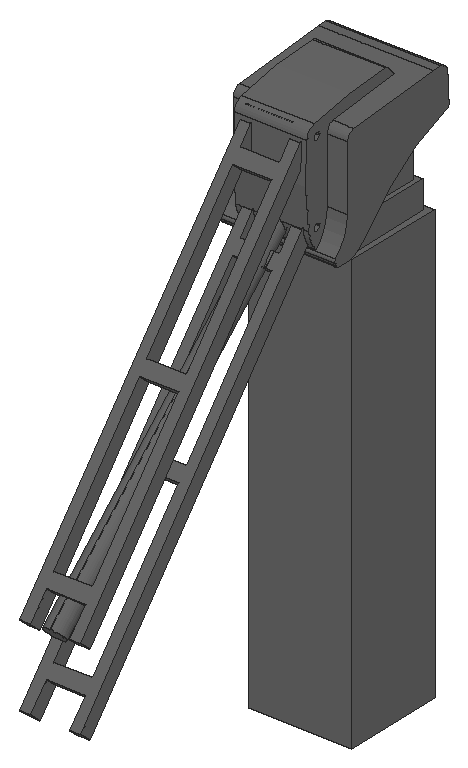
Revit family "EN 100 VJR", category Equipement spécialisé, Revit 2020
Family settings
  Cote de connecteur circulaire = Utiliser le diamètre
  Type d'élément = Normal
  Numéro OmniClass = 23.50.00.00
  Titre OmniClass = Conveying Systems & Material Handling
  Basée sur le plan de construction = Non
  Toujours verticalement = Oui
  Couper avec des vides une fois chargée = Non
  Partagée = Non
  Point de calcul de pièce = Non
Parameters (values of type "100 VJR")
  Jib length = 1.50 m
  URL = "www.manitou.fr"
  Overhang = 6.67 m
  Turret rotation [instance] = 0.00°
  Internal turning radius (over tyres) = 0.59 m
  External turning radius = 2.09 m
  I.C. Engine power rating - Power (kW) = 0
  I.C. Engine power rating - Power (ch) = 0
  External turning radius (over tyres) [instance] = yes
  Platform weight = 2650.00 kg
  Number of people (inside) = 2
  Noise to environment (LwA) = 0
  Modèle = "100 VJR"  # constant formula
  Overall lenght (transport) = 2.81 m
  Overall lenght (stowed) = 2.80 m
  Platform dimensions (length) = 1.11 m
  Platform dimensions (width) = 0.93 m
  Width = 0.99 m
  Overall height (transport) = 1.995 m
  Floor height (access) = 0.51 m
  Overall height (stowed) = 1.99 m
  Max. lifting height = 9.85 m
  Ground clearance at centre of wheelbase = 0.09 m
  Ground clearance = 0.02 m
  Wheelbase = 1.20 m
  Permissible leveling = 2.00°
  Max. outreach = 3.15 m
  Engine norm = "A préciser"  # constant formula
  Counterweight offset (turret at 90°) = 0.09 m
  Actual offset [instance] = 2.018413 m
  Platform capacity = 200.00 kg
  Average consumption (L/h) = 0
  Desired Platform angle [instance] = -50.00°
  R2 [instance] = 0.00°
  Number of people (outside) = 1
  Actual Platform height [instance] = 0.887703 m
  Desired telescopic mast height [instance] = 2.00 m
  Fabricant = "MANITOU"  # constant formula
  CO2 emissions (g/kWh) = 0
  Créé par = "ATLANCAD"  # constant formula
  Average consumption (l/day) = 0.00 m
  Jib adjustment [instance] = yes
  Elévation par défaut = 0.00 m
  Visible Charts [instance] = yes
Reference planes (m)
  plane 1 "Centre (avant/arrière)": y = 0
  plane 2: z = 0
  plane 3 "Centre (gauche/droite)": x = 0
Dimensions and locks (m)
  "Actual Platform height": nested 1 to nested 1
  "Actual offset": nested 1 to plane 1 "Centre (avant/arrière)"
  aligned and locked: level to plane 2
Nested families (m)
  nested 1: "100 VJR -I" at (0, 0, 0), Angle Panier Souhaité <- "Desired Platform angle", Hauteur Piston Vertical Souhaitée <- "Desired telescopic mast height", Abaque Visible <- "Visible Charts", Rayon de Giration Visible <- "External turning radius (over tyres)", Réglages du Pendulaire <- "Jib adjustment", Rotation Tourelle / Chassis <- "Turret rotation", type "Norme"
    with Réglages du Pendulaire yes, Rotation Tourelle / Chassis 0.00°, Rayon de Giration Visible yes, P° 2 40.00°, P° 1 40.00°, P° 40.00°, OB 2 2.00 m, OB 2.00 m, OA 1.647 m, Matériau Structure Acier Noir, I 1.636 m, Hauteurs mini dépassée no, Hauteurs max dépassée no, Hauteur Plancher Panier Réeelle 0.887703 m, Hauteur Piston Vertical Souhaitée 2.00 m, H3 0.412 m, H2' 1.623 m, H2 6.669 m, H1 7.90 m, G1 2.022 m, G 0.546 m, Décalage Hauteur Panier 0.024 m, Décalage B 0.024 m, Débord Réel 2.018228 m, CE 0.86 m, CD 0.27 m, Bb' 0.2249 m, BD 1.257205 m, BC 1.452 m, Angle mini dépassé no, Angle max dépassé no, Angle dépassé 2 -50.00°, Angle Panier Souhaité -50.00°, Angle Panier Réel -50.00°, Angle Haut Panier 57.98°, Angle Bas Panier -56.45°, Abaque Visible yes, AB 0.387 m
Definition of nested family "100 VJR -I"
  Parameters (values of type "Norme")
    Réglages du Pendulaire [instance] = yes
    Rotation Tourelle / Chassis [instance] = 0.00°
    Rayon de Giration Visible [instance] = yes
    P° [instance] = if(Réglages du Pendulaire, P° 2, 90.00°)  # 135.00°
    P° 2 [instance] = if(Angle Panier Souhaité < Angle Bas Panier, Angle Bas Panier + 90.00°, P° 1)  # 135.00°
    OB [instance] = if(Hauteur Piston Vertical Souhaitée > H2, H2, OB 2)  # 4.00 m
    OB 2 [instance] = if(Hauteur Piston Vertical Souhaitée < H2', H2', Hauteur Piston Vertical Souhaitée)  # 4.00 m
    OA [instance] = 1.647 m  # constant formula
    Matériau Structure [instance] = none
    I [instance] = 1.636 m  # constant formula
    Hauteurs mini dépassée [instance] = Hauteur Piston Vertical Souhaitée < OB  # no
    Hauteurs max dépassée [instance] = Hauteur Piston Vertical Souhaitée > OB  # no
    Hauteur Plancher Panier Réeelle [instance] = OB + (sin(P° - 90.00°) * BC) + Décalage B - Décalage Hauteur Panier  # 5.026719 m
    Hauteur Piston Vertical Souhaitée [instance] = 4.00 m
    H3 [instance] = 0.412 m  # constant formula
    H2' [instance] = 1.623 m  # constant formula
    H2 [instance] = 6.669 m  # constant formula
    H1 [instance] = 7.90 m  # constant formula
    G [instance] = 0.546 m  # constant formula
    G1 [instance] = 2.022 m  # constant formula
    Default Elevation = 0.00 m
    P° 1 [instance] = if(Angle Panier Souhaité > Angle Haut Panier, Angle Haut Panier + 90.00°, Angle Panier Souhaité + 90.00°)  # 135.00°
    Décalage Hauteur Panier [instance] = 0.024 m  # constant formula
    Décalage B [instance] = 0.024 m  # constant formula
    Débord Réel [instance] = Bb' + (cos(P° - 90.00°) * BC) + CE  # 2.111619 m
    CE [instance] = 0.86 m  # constant formula
    CD [instance] = 0.27 m  # constant formula
    Bb' [instance] = 0.2249 m  # constant formula
    BD [instance] = sqrt(CD ^ 2 + BC ^ 2 - 2 * CD * BC * cos(P°))  # 1.653975 m
    BC [instance] = 1.452 m  # constant formula
    Angle mini dépassé [instance] = Angle dépassé 2 < Angle Bas Panier  # no
    Angle max dépassé [instance] = Angle dépassé 2 > Angle Haut Panier  # no
    Angle dépassé 2 [instance] = if(Réglages du Pendulaire, Angle Panier Souhaité, P° - 90.00°)  # 45.00°
    Angle Panier Souhaité [instance] = 45.00°
    Angle Panier Réel [instance] = P° - 90.00°  # 45.00°
    Angle Haut Panier [instance] = 57.98°  # constant formula
    Angle Bas Panier [instance] = -56.45°  # constant formula
    Abaque Visible [instance] = yes
    AB [instance] = OB - OA + Décalage Hauteur Panier + 0.01 m  # 2.387 m
  Reference planes (m)
    plane 1 "Centre (avant/arrière)": y = 0
    plane 2: z = 0
    plane 3 "Centre (gauche/droite)": x = 0
    plane 4 "Haut tourelle": z = 1.647
    plane 5 "bas tourelle": z = 0.457549
    plane 6 "Décalage": y = -0.2249
    plane 7 "Hauteur souhaitée": z = 4
    plane 8: z = 1.907
    plane 9: z = 2.50025
    plane 10: z = 3.0935
    plane 11: z = 3.68675
    plane 12: z = 4.28
    plane 13: x = 1.036
    plane 14: y = -0.450361
  Forms (m)
    Extrusion 1, solid, material <- "Matériau Structure"
      sketch origin (0, 0, 0) x (1, 0, 0) y (0, 1, 0)
        loop
          line (-0.171, 0.201) -> (-0.171, -0.141) -> (0.171, -0.141) -> (0.171, 0.201) -> (-0.171, 0.201)
      from 0.457549 to 1.907
    Extrusion 2, solid, material <- "Matériau Structure"
      sketch origin (0, 0, 0) x (1, 0, 0) y (0, 1, 0)
        loop
          line (-0.15, 0.18) -> (-0.15, -0.12) -> (0.15, -0.12) -> (0.15, 0.18) -> (-0.15, 0.18)
      from 0.457549 to 2.50025
    Extrusion 3, solid, material <- "Matériau Structure"
      sketch origin (0, 0, 0) x (1, 0, 0) y (0, 1, 0)
        loop
          line (-0.13, 0.16) -> (-0.13, -0.1) -> (0.13, -0.1) -> (0.13, 0.16) -> (-0.13, 0.16)
      from 0.457549 to 3.0935
    Extrusion 4, solid, material <- "Matériau Structure"
      sketch origin (0, 0, 0) x (1, 0, 0) y (0, 1, 0)
        loop
          line (-0.11, 0.14) -> (-0.11, -0.08) -> (0.11, -0.08) -> (0.11, 0.14) -> (-0.11, 0.14)
      from 0.457549 to 3.68675
    Extrusion 5, solid, material <- "Matériau Structure"
      sketch origin (0, 0, 0) x (1, 0, 0) y (0, 1, 0)
        loop
          line (-0.09, 0.12) -> (-0.09, -0.06) -> (0.09, -0.06) -> (0.09, 0.12) -> (-0.09, 0.12)
      from 0.457549 to 4.28
    Extrusion 6, solid
      sketch origin (0, 0, 0) x (0, 1, 0) y (0, 0, 1)
        loop
          line (-0.22985, 4.02895) -> (-0.215708, 4.043092) -> (-0.233385, 4.06077) -> (-0.247527, 4.046627) -> (-0.22985, 4.02895)
      from 0.07 to 0.08
    Extrusion 7, solid
      sketch origin (0, 0, 0) x (0, 1, 0) y (0, 0, 1)
        loop
          line (-0.226486, 4.295586) -> (-0.212344, 4.309728) -> (-0.226486, 4.32387) -> (-0.240628, 4.309728) -> (-0.226486, 4.295586)
      from 0.07 to 0.08
    Sweep 8, solid, material <- "Matériau Structure"
      path origin (0, 0, 0) x (0, 1, 0) y (0, 0, 1)
        loop
          line (-1.251619, 5.320719) -> (-0.2249, 4.024)
      profile origin (0, -0.73826, 4.67236) x (0, 0.784002, 0.620759) y (1, 0, 0)
        loop
          circle (0, 0) r 0.035
  Cuts and joins
    joined: Extrusion 1, Extrusion 2, Extrusion 3, Extrusion 4, Extrusion 5
  Lines and regions (m)
    reference lines
      curve 1: line (0, -0.2249, 4.024) -> (0, -0.2249, 1.637)
      curve 2: line (0, -0.2249, 4.024) -> (0, -1.251619, 5.050719)
      curve 3: line (0, -0.2249, 4.024) -> (0, -0.2249, 4.294)
      curve 4: line (0, -0.2249, 4.294) -> (0, -1.251619, 5.320719)
      curve 5: line (0, -0.2249, 4.024) -> (0, -1.251619, 5.320719)
      curve 6: line (0, -1.251619, 5.050719) -> (0, -1.251619, 5.026719)
      curve 7: line (0, -1.251619, 5.026719) -> (0, -2.111619, 5.026719)
    model lines, visible <- "Rayon de Giration Visible"
      curve 8: line (1.036, -0.550361, 0) -> (1.036, -0.350361, 0)
      curve 9: line (0.936, -0.450361, 0) -> (1.136, -0.450361, 0)
      curve 10: circle (1.036, -0.450361, 0) r 2.022 normal (0, 0, 1)
      curve 11: circle (1.036, -0.450361, 0) r 0.546 normal (0, 0, 1)
      curve 12: line (-0.986, -0.450361, 0) -> (-0.986, 2.049639, 0)
      curve 13: line (0.65, -0.450361, 0) -> (0.65, 2.049639, 0)
      curve 14: line (1.036, -0.836361, 0) -> (3.536, -0.836361, 0)
      curve 15: line (1.036, -2.472361, 0) -> (3.536, -2.472361, 0)
  Text (m)
    text "A" at (0, -0.129031, 1.768049), in view "Gauche"
    text "B" at (0, -0.129031, 6.813808), in view "Gauche"
    text "O" at (0, -0.129031, -0.001844), in view "Gauche"
    text "C" at (0, -0.933814, 5.445096), in view "Gauche"
  Dimensions and locks (m)
    "OA": level to plane 4 "Haut tourelle"
    level to plane 5 "bas tourelle" = 0.457549 m
    "Bb'": plane 1 "Centre (avant/arrière)" to plane 6 "Décalage"
    "AB": curve 1 to curve 1
    "OB": plane 7 "Hauteur souhaitée" to level
    locked: curve 1 to plane 4 "Haut tourelle" at 0.01
    locked: plane 4 "Haut tourelle" to plane 8 at 0.26
    locked: plane 7 "Hauteur souhaitée" to plane 12 at 0.28
    equal spacing: plane 8, plane 9, plane 10, plane 11, plane 12
    Extrusion 1 sketch curve to plane 3 "Centre (gauche/droite)" to Extrusion 1 sketch curve = 0.171 m, 0.171 m
    Extrusion 1 sketch curve to plane 1 "Centre (avant/arrière)" to Extrusion 1 sketch curve = 0.201 m, 0.141 m
    Extrusion 2 sketch curve to plane 3 "Centre (gauche/droite)" to Extrusion 2 sketch curve = 0.15 m locked, 0.15 m locked
    Extrusion 2 sketch curve to plane 1 "Centre (avant/arrière)" to Extrusion 2 sketch curve = 0.12 m locked, 0.18 m locked
    Extrusion 3 sketch curve to plane 3 "Centre (gauche/droite)" to Extrusion 3 sketch curve = 0.13 m locked, 0.13 m locked
    Extrusion 3 sketch curve to plane 1 "Centre (avant/arrière)" to Extrusion 3 sketch curve = 0.10 m locked, 0.16 m locked
    Extrusion 4 sketch curve to plane 3 "Centre (gauche/droite)" to Extrusion 4 sketch curve = 0.11 m locked, 0.11 m locked
    Extrusion 4 sketch curve to plane 1 "Centre (avant/arrière)" to Extrusion 4 sketch curve = 0.08 m locked, 0.14 m locked
    Extrusion 5 sketch curve to plane 3 "Centre (gauche/droite)" to Extrusion 5 sketch curve = 0.09 m, 0.09 m
    Extrusion 4 to plane 1 "Centre (avant/arrière)" to Extrusion 5 sketch curve = 0.14 m, 0.06 m
    "BC": curve 2 to curve 2
    Extrusion 6 sketch curve to Extrusion 6 sketch curve to curve 2 = 0.025 m, 0.007 m
    locked: curve 2 to Extrusion 6 sketch curve at 0.02
    locked: curve 2 to nested 4
    "CD": curve 3 to curve 3
    locked: Extrusion 7 sketch curve to curve 4 at 0.02
    curve 4 to Extrusion 7 sketch curve to Extrusion 7 sketch curve = 0.002243 m, 0.02 m
    "BC": curve 4 to nested 5
    "BD": curve 5 to curve 5
    locked: curve 5 to Sweep 8 sketch curve
    locked: Sweep 8 sketch curve to curve 5
    "Décalage Hauteur Panier": curve 6 to curve 6
    curve 6 to level = 5.026719 m
    "Décalage B": curve 5 to plane 7 "Hauteur souhaitée"
    "G1": curve 12 to curve 8
    "I": curve 12 to curve 13
    "G1": curve 15 to curve 9
    "I": curve 15 to curve 14
    "CE": curve 6 to curve 7
    radius of Sweep 8 sketch curve = 0.035 m
    "G1": radius of curve 10
    "G": radius of curve 11
    "P°": angle plane 1 "Centre (avant/arrière)" to curve 2
    "P°": angle plane 1 "Centre (avant/arrière)" to curve 4
    aligned and locked: level to plane 2
    aligned and locked: Extrusion 1 to plane 8
    aligned and locked: plane 5 "bas tourelle" to Extrusion 1
    aligned and locked: plane 9 to Extrusion 2
    aligned and locked: plane 5 "bas tourelle" to Extrusion 2
    aligned and locked: plane 10 to Extrusion 3
    aligned and locked: plane 5 "bas tourelle" to Extrusion 3
    aligned and locked: plane 11 to Extrusion 4
    aligned and locked: plane 5 "bas tourelle" to Extrusion 4
    aligned and locked: Extrusion 5 to plane 12
    aligned and locked: plane 5 "bas tourelle" to Extrusion 5
    aligned and locked: plane 1 "Centre (avant/arrière)" to nested 3
    aligned and locked: nested 3 to plane 12
    aligned and locked: plane 3 "Centre (gauche/droite)" to nested 3
    aligned and locked: curve 2 to Extrusion 6 sketch curve
    aligned and locked: curve 2 to nested 4
    aligned and locked: plane 3 "Centre (gauche/droite)" to nested 4
    aligned and locked: curve 3 to plane 6 "Décalage"
    aligned and locked: Extrusion 7 sketch curve to curve 4
    aligned and locked: curve 4 to nested 5  (x2)
    aligned and locked: nested 5 to Extrusion 7
    aligned and locked: plane 3 "Centre (gauche/droite)" to nested 5
    aligned and locked: nested 9 to plane 3 "Centre (gauche/droite)"
    aligned and locked: nested 9 to plane 1 "Centre (avant/arrière)"
    aligned and locked: nested 10 to curve 7
    aligned and locked: nested 10 to curve 6
  Automatic sketch dimensions
    Extrusion 5 sketch curve to plane 1 "Centre (avant/arrière)" = 0.12 m
    Sweep 8 sketch curve to plane 3 "Centre (gauche/droite)" = 0.00 m
    Sweep 8 sketch curve to profile plane = 0.00 m
    curve 10 to curve 11 = 0.00 m  (x2)
    curve 12 to plane 14 = 0.00 m
    plane 14 to curve 13 = 0.00 m
    plane 14 to curve 9 = 0.00 m
    curve 15 to plane 13 = 0.00 m
    curve 8 to plane 13 = 0.00 m
    curve 14 to plane 13 = 0.00 m
    plane 14 to curve 10 = 0.00 m
    curve 9 to plane 13 = 0.10 m
    curve 10 to curve 9 = 0.10 m
    curve 15 to curve 15 = 2.50 m
    curve 14 to curve 15 = 0.00 m
    curve 8 to curve 10 = 0.10 m
    curve 8 to plane 14 = 0.10 m
    curve 13 to plane 1 "Centre (avant/arrière)" = 2.049639 m
    curve 12 to curve 13 = 0.00 m
  Nested families (m)
    nested 1: "Hmin" at (0, 1.556607, 7.699272) x (0, -1, 0) z (-1, 0, 0), visible <- "Hauteurs mini dépassée", type "Hmin"
    nested 2: "Hmax" at (0, 1.556607, 7.699272) x (0, -1, 0) z (1, 0, 0), visible <- "Hauteurs max dépassée", type "Hmax"
    nested 3: "ModéHaut" at (0, 0, 4.28), Matériau <- "Matériau Structure", type "ModéHaut"
      with Matériau none
    nested 4: "Bras" at (0, -0.2249, 4.024) x (0, -0.7071, 0.7071) z (0, -0.7071, -0.7071), Matériau <- "Matériau Structure", type "Bras"
      with Matériau none, built-in parameter 1001306 4.7638 (stored number, unit not read)
    nested 5: "Bras" at (0, -0.2249, 4.294) x (0, -0.7071, 0.7071) z (0, -0.7071, -0.7071), Matériau <- "Matériau Structure", type "Bras"
      with Matériau none, built-in parameter 1001306 4.7638 (stored number, unit not read)
    nested 6: "Amin" at (0, 2.283236, 7.231541) x (0, -1, 0) z (1, 0, 0), visible <- "Angle mini dépassé", type "Amin"
    nested 7: "Amax" at (0, 2.283236, 7.231541) x (0, -1, 0) z (1, 0, 0), visible <- "Angle max dépassé", type "Amax"
    nested 8: "100 VJR EVO - Tourelle" at (0, 0, 0) x (-1, 0, 0) z (0, 0, 1), type "Norme"
    nested 9: "100 VJR EVO - Transmission Rotation" at (0, 0, 0) x (-1, 0, 0) z (0, 0, 1), R <- "Rotation Tourelle / Chassis", type "Norme"
      with R1 90.00°, R 0.00°
    nested 10: "100 VJR EVO - Panier Rotation" at (0, -1.251619, 5.026719), type "Norme"
      with R2 90.00°, R1 90.00°, R 0.00°, Acier none
  Definition of nested family "ModéHaut"
    Parameters (values of type "ModéHaut")
      Matériau [instance] = none
      Default Elevation = 0.00 m
    Reference planes (m)
      plane 1 "Centre (avant/arrière)": y = 0
      plane 2: z = 0
      plane 3 "Centre (gauche/droite)": x = 0
    Forms (m)
      Extrusion 1, solid, material <- "Matériau"
        sketch origin (0, 0, -6.949) x (0, 1, 0) y (0, 0, 1)
          loop
            arc (-0.109703, 6.640435) -> (0.040629, 6.779609) -> (0.224824, 6.869281) r 0.699754
            arc (0.224824, 6.869281) -> (0.231554, 6.874135) -> (0.234075, 6.882041) r 0.013243
            line (0.234075, 6.882041) -> (0.23397, 6.892559) -> (0.233756, 6.90375) -> (0.233356, 6.914903) -> (0.232807, 6.926057) -> (0.232119, 6.937219) -> (0.231244, 6.948373) -> (0.230177, 6.960109) -> (0.226816, 6.986958)
            arc (0.226816, 6.986958) -> (0.218465, 7.002465) -> (0.201961, 7.008614) r 0.024995
            line (0.201961, 7.008614) -> (0.171943, 7.008363)
            arc (0.171943, 7.008363) -> (0.007195, 7.00073) -> (-0.156501, 6.980633) r 2.174529
            arc (-0.156501, 6.980633) -> (-0.174727, 6.970546) -> (-0.18197, 6.951015) r 0.029956
            line (-0.18197, 6.951015) -> (-0.18197, 6.736588)
            arc (-0.18197, 6.736588) -> (-0.194893, 6.675646) -> (-0.231438, 6.625194) r 0.150155
            arc (-0.231438, 6.625194) -> (-0.234795, 6.618865) -> (-0.233312, 6.611855) r 0.010501
            line (-0.233312, 6.611855) -> (-0.227332, 6.602247)
            arc (-0.227332, 6.602247) -> (-0.224526, 6.599359) -> (-0.220775, 6.597895) r 0.009479
            arc (-0.220775, 6.597895) -> (-0.159538, 6.60428) -> (-0.109703, 6.640435) r 0.118909
        from -0.19 to 0.19
      Extrusion 2, solid, material <- "Matériau"
        sketch origin (0, 0, -6.949) x (0, 1, 0) y (0, 0, 1)
          loop
            arc (0.0968, 7.003764) -> (0.085609, 7.020459) -> (0.072117, 7.035357) r 0.138349
            arc (0.072117, 7.035357) -> (0.066741, 7.038893) -> (0.060463, 7.040304) r 0.017933
            arc (0.060463, 7.040304) -> (-0.087691, 7.029133) -> (-0.23383, 7.002335) r 1.40102
            arc (-0.23383, 7.002335) -> (-0.254733, 6.989668) -> (-0.264368, 6.967206) r 0.04001
            arc (-0.264368, 6.967206) -> (-0.269192, 6.829902) -> (-0.25764, 6.693) r 1.152193
            arc (-0.25764, 6.693) -> (-0.245867, 6.653688) -> (-0.220789, 6.621204) r 0.112602
            line (-0.220789, 6.621204) -> (0.0968, 7.003764)
          loop
            circle (-0.224677, 6.692398) r 0.012608
          loop
            circle (-0.224915, 6.962249) r 0.012446
        from 0.12 to -0.12
    Cuts and joins
      joined: Extrusion 1, Extrusion 2
    Dimensions and locks (m)
      aligned and locked: level to plane 2
  Definition of nested family "Bras"
    Parameters (values of type "Bras")
      Matériau [instance] = none
      built-in parameter 1001306 [instance] = 1.20 m
      Default Elevation = 0.00 m
    Reference planes (m)
      plane 1 "Centre (avant/arrière)": y = 0
      plane 2: z = 0
      plane 3 "Gauche": x = 0
      plane 4 "Droite": x = 1.2
      plane 5: x = 0.6
    Forms (m)
      Extrusion 1, solid, material <- "Matériau"
        sketch origin (0, 0, 0) x (1, 0, 0) y (0, 1, 0)
          loop
            line (0, 0.1) -> (0, 0.065) -> (0.1, 0.065) -> (0.1, -0.065) -> (0, -0.065) -> (0, -0.1) -> (1.2, -0.1) -> (1.2, -0.065) -> (1.1, -0.065) -> (1.1, 0.065) -> (1.2, 0.065) -> (1.2, 0.1) -> (0, 0.1)
          loop
            line (0.575, -0.065) -> (0.575, 0.065) -> (0.15, 0.065) -> (0.15, -0.065) -> (0.575, -0.065)
          loop
            line (0.625, 0.065) -> (0.625, -0.065) -> (1.05, -0.065) -> (1.05, 0.065) -> (0.625, 0.065)
        from 0.025 to -0.025
    Lines and regions (m)
      reference lines
        curve 1: line (0, 0, 0) -> (1.2, 0, 0)
    Dimensions and locks (m)
      "built-in parameter 1001306": plane 3 "Gauche" to plane 4 "Droite"
      locked: Extrusion 1 sketch curve to Extrusion 1 sketch curve at 0.035  (x2)
      plane 3 "Gauche" to Extrusion 1 sketch curve to Extrusion 1 sketch curve = 0.10 m locked, 0.05 m locked
      Extrusion 1 sketch curve to Extrusion 1 sketch curve to plane 4 "Droite" = 0.05 m locked, 0.10 m locked
      Extrusion 1 sketch curve to plane 5 to Extrusion 1 sketch curve = 0.025 m locked, 0.025 m locked
      Extrusion 1 sketch curve to plane 1 "Centre (avant/arrière)" to Extrusion 1 sketch curve = 0.10 m locked, 0.10 m locked
      equal spacing: plane 3 "Gauche", plane 5, plane 4 "Droite"
      aligned and locked: plane 4 "Droite" to curve 1
      aligned and locked: plane 1 "Centre (avant/arrière)" to curve 1
      aligned and locked: plane 3 "Gauche" to curve 1
      aligned and locked: level to plane 2
      aligned and locked: plane 3 "Gauche" to Extrusion 1 sketch curve  (x2)
      aligned and locked: Extrusion 1 sketch curve to plane 4 "Droite"  (x2)
      aligned and locked: Extrusion 1 sketch curve to Extrusion 1 sketch curve  (x6)
  Definition of nested family "Hmin"
    Parameters (values of type "Hmin")
      Default Elevation = 1.2192 m
    Reference planes (m)
      plane 1 "Centre (avant/arrière)": y = 0
      plane 2: z = 0
      plane 3 "Centre (gauche/droite)": x = 0
    Forms (m)
      Extrusion 1, solid
        sketch origin (0, 0, 0) x (1, 0, 0) y (0, 1, 0)
          loop
            line (-1.2192, 1.2192) -> (-1.2192, -1.2192) -> (1.2192, -1.2192) -> (1.2192, 1.2192) -> (-1.2192, 1.2192)
        from 0 to -0.3048
    Lines and regions (m)
      model lines
        curve 1: line (-2.387843, -0.095102, 0) -> (-2.387843, 0.15285, 0)
        curve 2: line (-2.387843, 0.028874, 0) -> (-2.222541, 0.028874, 0)
        curve 3: line (-2.222541, 0.15285, 0) -> (-2.222541, -0.095102, 0)
        curve 4: line (-2.140312, 0.028874, 0) -> (-2.098987, 0.0702, 0)
        curve 5: line (-2.098987, 0.0702, 0) -> (-2.057661, 0.0702, 0)
        curve 6: line (-2.057661, 0.0702, 0) -> (-2.016336, 0.028874, 0)
        curve 7: line (-2.016336, 0.028874, 0) -> (-2.016336, -0.053777, 0)
        curve 8: line (-2.016336, -0.053777, 0) -> (-2.057661, -0.095102, 0)
        curve 9: line (-2.057661, -0.095102, 0) -> (-2.098987, -0.095102, 0)
        curve 10: line (-2.098987, -0.095102, 0) -> (-2.140312, -0.053777, 0)
        curve 11: line (-2.140312, -0.053777, 0) -> (-2.140312, 0.028874, 0)
        curve 12: line (-2.016336, -0.053777, 0) -> (-1.97501, -0.095102, 0)
        curve 13: line (-1.89236, 0.0702, 0) -> (-1.89236, -0.053777, 0)
        curve 14: line (-1.89236, -0.053777, 0) -> (-1.851034, -0.095102, 0)
        curve 15: line (-1.851034, -0.095102, 0) -> (-1.809709, -0.095102, 0)
        curve 16: line (-1.809709, -0.095102, 0) -> (-1.727058, -0.012451, 0)
        curve 17: line (-1.727058, 0.0702, 0) -> (-1.727058, -0.095102, 0)
        curve 18: line (-1.561756, 0.15285, 0) -> (-1.561756, -0.053777, 0)
        curve 19: line (-1.561756, -0.053777, 0) -> (-1.520431, -0.095102, 0)
        curve 20: line (-1.520431, -0.095102, 0) -> (-1.479106, -0.053777, 0)
        curve 21: line (-1.644407, 0.0702, 0) -> (-1.479106, 0.0702, 0)
        curve 22: line (-1.396877, -0.012451, 0) -> (-1.2729, -0.012451, 0)
        curve 23: line (-1.2729, -0.012451, 0) -> (-1.231575, 0.028874, 0)
        curve 24: line (-1.231575, 0.028874, 0) -> (-1.2729, 0.0702, 0)
        curve 25: line (-1.2729, 0.0702, 0) -> (-1.355551, 0.0702, 0)
        curve 26: line (-1.355551, 0.0702, 0) -> (-1.396877, 0.028874, 0)
        curve 27: line (-1.396877, 0.028874, 0) -> (-1.396877, -0.053777, 0)
        curve 28: line (-1.396877, -0.053777, 0) -> (-1.355551, -0.095102, 0)
        curve 29: line (-1.355551, -0.095102, 0) -> (-1.2729, -0.095102, 0)
        curve 30: line (-1.148924, 0.0702, 0) -> (-1.148924, -0.053777, 0)
        curve 31: line (-1.148924, -0.053777, 0) -> (-1.107599, -0.095102, 0)
        curve 32: line (-1.107599, -0.095102, 0) -> (-1.066273, -0.095102, 0)
        curve 33: line (-1.066273, -0.095102, 0) -> (-0.983623, -0.012451, 0)
        curve 34: line (-0.983623, 0.0702, 0) -> (-0.983623, -0.095102, 0)
        curve 35: line (-0.900972, -0.095102, 0) -> (-0.900972, 0.0702, 0)
        curve 36: line (-0.900972, -0.012451, 0) -> (-0.818321, 0.0702, 0)
        curve 37: line (-0.818321, 0.0702, 0) -> (-0.776996, 0.0702, 0)
        curve 38: line (-0.776996, 0.0702, 0) -> (-0.73567, 0.028874, 0)
        curve 39: line (-0.525489, -0.095102, 0) -> (-0.525489, 0.0702, 0)
        curve 40: line (-0.525489, 0.028874, 0) -> (-0.484164, 0.0702, 0)
        curve 41: line (-0.484164, 0.0702, 0) -> (-0.442838, 0.028874, 0)
        curve 42: line (-0.442838, 0.028874, 0) -> (-0.442838, -0.012451, 0)
        curve 43: line (-0.442838, 0.028874, 0) -> (-0.401513, 0.0702, 0)
        curve 44: line (-0.360187, 0.028874, 0) -> (-0.360187, -0.095102, 0)
        curve 45: line (-0.401513, 0.0702, 0) -> (-0.360187, 0.028874, 0)
        curve 46: line (0.245345, -0.053777, 0) -> (0.245345, 0.028874, 0)
        curve 47: line (0.245345, 0.028874, 0) -> (0.286671, 0.0702, 0)
        curve 48: line (0.286671, 0.0702, 0) -> (0.327996, 0.0702, 0)
        curve 49: line (0.327996, 0.0702, 0) -> (0.410647, -0.012451, 0)
        curve 50: line (0.410647, -0.012451, 0) -> (0.327996, -0.095102, 0)
        curve 51: line (0.327996, -0.095102, 0) -> (0.286671, -0.095102, 0)
        curve 52: line (0.286671, -0.095102, 0) -> (0.245345, -0.053777, 0)
        curve 53: line (0.410647, 0.15285, 0) -> (0.410647, -0.095102, 0)
        curve 54: line (0.493298, -0.012451, 0) -> (0.617274, -0.012451, 0)
        curve 55: line (0.617274, -0.012451, 0) -> (0.658599, 0.028874, 0)
        curve 56: line (0.658599, 0.028874, 0) -> (0.617274, 0.0702, 0)
        curve 57: line (0.617274, 0.0702, 0) -> (0.534623, 0.0702, 0)
        curve 58: line (0.534623, 0.0702, 0) -> (0.493298, 0.028874, 0)
        curve 59: line (0.493298, 0.028874, 0) -> (0.493298, -0.053777, 0)
        curve 60: line (0.493298, -0.053777, 0) -> (0.534623, -0.095102, 0)
        curve 61: line (0.534623, -0.095102, 0) -> (0.617274, -0.095102, 0)
        curve 62: line (0.617274, 0.15285, 0) -> (0.534623, 0.111525, 0)
        curve 63: line (0.74125, -0.177753, 0) -> (0.74125, 0.0702, 0)
        curve 64: line (0.74125, 0.028874, 0) -> (0.782575, 0.0702, 0)
        curve 65: line (0.782575, 0.0702, 0) -> (0.865226, 0.0702, 0)
        curve 66: line (0.865226, 0.0702, 0) -> (0.906551, 0.028874, 0)
        curve 67: line (0.906551, 0.028874, 0) -> (0.906551, -0.053777, 0)
        curve 68: line (0.906551, -0.053777, 0) -> (0.865226, -0.095102, 0)
        curve 69: line (0.865226, -0.095102, 0) -> (0.74125, -0.095102, 0)
        curve 70: line (0.988781, -0.053777, 0) -> (0.988781, 0.028874, 0)
        curve 71: line (0.988781, 0.028874, 0) -> (1.030106, 0.0702, 0)
        curve 72: line (1.030106, 0.0702, 0) -> (1.071431, 0.0702, 0)
        curve 73: line (1.071431, 0.0702, 0) -> (1.112757, 0.028874, 0)
        curve 74: line (1.112757, 0.028874, 0) -> (1.112757, -0.053777, 0)
        curve 75: line (1.112757, -0.053777, 0) -> (1.071431, -0.095102, 0)
        curve 76: line (1.071431, -0.095102, 0) -> (1.030106, -0.095102, 0)
        curve 77: line (1.030106, -0.095102, 0) -> (0.988781, -0.053777, 0)
        curve 78: line (1.112757, -0.053777, 0) -> (1.154082, -0.095102, 0)
        curve 79: line (1.236733, -0.095102, 0) -> (1.360709, -0.095102, 0)
        curve 80: line (1.360709, -0.095102, 0) -> (1.402034, -0.053777, 0)
        curve 81: line (1.402034, -0.053777, 0) -> (1.360709, -0.012451, 0)
        curve 82: line (1.360709, -0.012451, 0) -> (1.278058, -0.012451, 0)
        curve 83: line (1.278058, -0.012451, 0) -> (1.236733, 0.028874, 0)
        curve 84: line (1.236733, 0.028874, 0) -> (1.278058, 0.0702, 0)
        curve 85: line (1.278058, 0.0702, 0) -> (1.402034, 0.0702, 0)
        curve 86: line (1.484685, -0.095102, 0) -> (1.608661, -0.095102, 0)
        curve 87: line (1.608661, -0.095102, 0) -> (1.649987, -0.053777, 0)
        curve 88: line (1.649987, -0.053777, 0) -> (1.608661, -0.012451, 0)
        curve 89: line (1.608661, -0.012451, 0) -> (1.526011, -0.012451, 0)
        curve 90: line (1.526011, -0.012451, 0) -> (1.484685, 0.028874, 0)
        curve 91: line (1.484685, 0.028874, 0) -> (1.526011, 0.0702, 0)
        curve 92: line (1.526011, 0.0702, 0) -> (1.649987, 0.0702, 0)
        curve 93: line (1.732216, -0.012451, 0) -> (1.856192, -0.012451, 0)
        curve 94: line (1.856192, -0.012451, 0) -> (1.897517, 0.028874, 0)
        curve 95: line (1.897517, 0.028874, 0) -> (1.856192, 0.0702, 0)
        curve 96: line (1.856192, 0.0702, 0) -> (1.773541, 0.0702, 0)
        curve 97: line (1.773541, 0.0702, 0) -> (1.732216, 0.028874, 0)
        curve 98: line (1.732216, 0.028874, 0) -> (1.732216, -0.053777, 0)
        curve 99: line (1.732216, -0.053777, 0) -> (1.773541, -0.095102, 0)
        curve 100: line (1.773541, -0.095102, 0) -> (1.856192, -0.095102, 0)
        curve 101: line (1.856192, 0.15285, 0) -> (1.773541, 0.111525, 0)
        curve 102: line (1.980168, -0.012451, 0) -> (2.104144, -0.012451, 0)
        curve 103: line (2.104144, -0.012451, 0) -> (2.14547, 0.028874, 0)
        curve 104: line (2.14547, 0.028874, 0) -> (2.104144, 0.0702, 0)
        curve 105: line (2.104144, 0.0702, 0) -> (2.021494, 0.0702, 0)
        curve 106: line (2.021494, 0.0702, 0) -> (1.980168, 0.028874, 0)
        curve 107: line (1.980168, 0.028874, 0) -> (1.980168, -0.053777, 0)
        curve 108: line (1.980168, -0.053777, 0) -> (2.021494, -0.095102, 0)
        curve 109: line (2.021494, -0.095102, 0) -> (2.104144, -0.095102, 0)
        curve 110: line (-0.277537, -0.095102, 0) -> (-0.277537, 0.0702, 0)
        curve 111: line (-0.277537, 0.111525, 0) -> (-0.277537, 0.15285, 0)
        curve 112: line (-0.194886, -0.095102, 0) -> (-0.194886, 0.0702, 0)
        curve 113: line (-0.194886, -0.012451, 0) -> (-0.112235, 0.0702, 0)
        curve 114: line (-0.112235, 0.0702, 0) -> (-0.07091, 0.0702, 0)
        curve 115: line (-0.07091, 0.0702, 0) -> (-0.029584, 0.028874, 0)
        curve 116: line (-0.029584, 0.028874, 0) -> (-0.029584, -0.095102, 0)
        curve 117: line (0.053067, -0.095102, 0) -> (0.053067, 0.0702, 0)
        curve 118: line (0.053067, 0.111525, 0) -> (0.053067, 0.15285, 0)
    Dimensions and locks (m)
      aligned and locked: plane 2 to Extrusion 1
      aligned and locked: level to Extrusion 1
  Definition of nested family "Hmax"
    Parameters (values of type "Hmax")
      Default Elevation = 1.2192 m
    Reference planes (m)
      plane 1 "Centre (avant/arrière)": y = 0
      plane 2: z = 0
      plane 3 "Centre (gauche/droite)": x = 0
    Forms (m)
      Extrusion 1, solid
        sketch origin (0, 0, 0) x (1, 0, 0) y (0, 1, 0)
          loop
            line (-1.2192, 1.2192) -> (-1.2192, -1.2192) -> (1.2192, -1.2192) -> (1.2192, 1.2192) -> (-1.2192, 1.2192)
        from 0 to -0.3048
    Lines and regions (m)
      model lines
        curve 1: line (-0.525489, -0.095102, 0) -> (-0.525489, 0.0702, 0)
        curve 2: line (-0.525489, 0.028874, 0) -> (-0.484164, 0.0702, 0)
        curve 3: line (-0.484164, 0.0702, 0) -> (-0.442838, 0.028874, 0)
        curve 4: line (-0.442838, 0.028874, 0) -> (-0.442838, -0.012451, 0)
        curve 5: line (-0.442838, 0.028874, 0) -> (-0.401513, 0.0702, 0)
        curve 6: line (-0.360187, 0.028874, 0) -> (-0.360187, -0.095102, 0)
        curve 7: line (-0.401513, 0.0702, 0) -> (-0.360187, 0.028874, 0)
        curve 8: line (-0.236211, 0.0702, 0) -> (-0.194886, 0.0702, 0)
        curve 9: line (-0.194886, 0.0702, 0) -> (-0.15356, 0.028874, 0)
        curve 10: line (-0.15356, 0.028874, 0) -> (-0.15356, -0.053777, 0)
        curve 11: line (-0.15356, -0.053777, 0) -> (-0.194886, -0.095102, 0)
        curve 12: line (-0.194886, -0.095102, 0) -> (-0.236211, -0.095102, 0)
        curve 13: line (-0.236211, -0.095102, 0) -> (-0.277537, -0.053777, 0)
        curve 14: line (-0.277537, -0.053777, 0) -> (-0.277537, 0.028874, 0)
        curve 15: line (-0.277537, 0.028874, 0) -> (-0.236211, 0.0702, 0)
        curve 16: line (-0.15356, -0.053777, 0) -> (-0.112657, -0.095102, 0)
        curve 17: line (-0.030006, -0.095102, 0) -> (0.135296, 0.0702, 0)
        curve 18: line (-0.030006, 0.0702, 0) -> (0.135296, -0.095102, 0)
        curve 19: line (-2.387843, -0.095102, 0) -> (-2.387843, 0.15285, 0)
        curve 20: line (-2.387843, 0.028874, 0) -> (-2.222541, 0.028874, 0)
        curve 21: line (-2.222541, 0.15285, 0) -> (-2.222541, -0.095102, 0)
        curve 22: line (-2.140312, 0.028874, 0) -> (-2.098987, 0.0702, 0)
        curve 23: line (-2.098987, 0.0702, 0) -> (-2.057661, 0.0702, 0)
        curve 24: line (-2.057661, 0.0702, 0) -> (-2.016336, 0.028874, 0)
        curve 25: line (-2.016336, 0.028874, 0) -> (-2.016336, -0.053777, 0)
        curve 26: line (-2.016336, -0.053777, 0) -> (-2.057661, -0.095102, 0)
        curve 27: line (-2.057661, -0.095102, 0) -> (-2.098987, -0.095102, 0)
        curve 28: line (-2.098987, -0.095102, 0) -> (-2.140312, -0.053777, 0)
        curve 29: line (-2.140312, -0.053777, 0) -> (-2.140312, 0.028874, 0)
        curve 30: line (-2.016336, -0.053777, 0) -> (-1.97501, -0.095102, 0)
        curve 31: line (-1.89236, 0.0702, 0) -> (-1.89236, -0.053777, 0)
        curve 32: line (-1.89236, -0.053777, 0) -> (-1.851034, -0.095102, 0)
        curve 33: line (-1.851034, -0.095102, 0) -> (-1.809709, -0.095102, 0)
        curve 34: line (-1.809709, -0.095102, 0) -> (-1.727058, -0.012451, 0)
        curve 35: line (-1.727058, 0.0702, 0) -> (-1.727058, -0.095102, 0)
        curve 36: line (-1.561756, 0.15285, 0) -> (-1.561756, -0.053777, 0)
        curve 37: line (-1.561756, -0.053777, 0) -> (-1.520431, -0.095102, 0)
        curve 38: line (-1.520431, -0.095102, 0) -> (-1.479106, -0.053777, 0)
        curve 39: line (-1.644407, 0.0702, 0) -> (-1.479106, 0.0702, 0)
        curve 40: line (-1.396877, -0.012451, 0) -> (-1.2729, -0.012451, 0)
        curve 41: line (-1.2729, -0.012451, 0) -> (-1.231575, 0.028874, 0)
        curve 42: line (-1.231575, 0.028874, 0) -> (-1.2729, 0.0702, 0)
        curve 43: line (-1.2729, 0.0702, 0) -> (-1.355551, 0.0702, 0)
        curve 44: line (-1.355551, 0.0702, 0) -> (-1.396877, 0.028874, 0)
        curve 45: line (-1.396877, 0.028874, 0) -> (-1.396877, -0.053777, 0)
        curve 46: line (-1.396877, -0.053777, 0) -> (-1.355551, -0.095102, 0)
        curve 47: line (-1.355551, -0.095102, 0) -> (-1.2729, -0.095102, 0)
        curve 48: line (-1.148924, 0.0702, 0) -> (-1.148924, -0.053777, 0)
        curve 49: line (-1.148924, -0.053777, 0) -> (-1.107599, -0.095102, 0)
        curve 50: line (-1.107599, -0.095102, 0) -> (-1.066273, -0.095102, 0)
        curve 51: line (-1.066273, -0.095102, 0) -> (-0.983623, -0.012451, 0)
        curve 52: line (-0.983623, 0.0702, 0) -> (-0.983623, -0.095102, 0)
        curve 53: line (-0.900972, -0.095102, 0) -> (-0.900972, 0.0702, 0)
        curve 54: line (-0.900972, -0.012451, 0) -> (-0.818321, 0.0702, 0)
        curve 55: line (-0.818321, 0.0702, 0) -> (-0.776996, 0.0702, 0)
        curve 56: line (-0.776996, 0.0702, 0) -> (-0.73567, 0.028874, 0)
        curve 57: line (0.245345, -0.053777, 0) -> (0.245345, 0.028874, 0)
        curve 58: line (0.245345, 0.028874, 0) -> (0.286671, 0.0702, 0)
        curve 59: line (0.286671, 0.0702, 0) -> (0.327996, 0.0702, 0)
        curve 60: line (0.327996, 0.0702, 0) -> (0.410647, -0.012451, 0)
        curve 61: line (0.410647, -0.012451, 0) -> (0.327996, -0.095102, 0)
        curve 62: line (0.327996, -0.095102, 0) -> (0.286671, -0.095102, 0)
        curve 63: line (0.286671, -0.095102, 0) -> (0.245345, -0.053777, 0)
        curve 64: line (0.410647, 0.15285, 0) -> (0.410647, -0.095102, 0)
        curve 65: line (0.493298, -0.012451, 0) -> (0.617274, -0.012451, 0)
        curve 66: line (0.617274, -0.012451, 0) -> (0.658599, 0.028874, 0)
        curve 67: line (0.658599, 0.028874, 0) -> (0.617274, 0.0702, 0)
        curve 68: line (0.617274, 0.0702, 0) -> (0.534623, 0.0702, 0)
        curve 69: line (0.534623, 0.0702, 0) -> (0.493298, 0.028874, 0)
        curve 70: line (0.493298, 0.028874, 0) -> (0.493298, -0.053777, 0)
        curve 71: line (0.493298, -0.053777, 0) -> (0.534623, -0.095102, 0)
        curve 72: line (0.534623, -0.095102, 0) -> (0.617274, -0.095102, 0)
        curve 73: line (0.617274, 0.15285, 0) -> (0.534623, 0.111525, 0)
        curve 74: line (0.74125, -0.177753, 0) -> (0.74125, 0.0702, 0)
        curve 75: line (0.74125, 0.028874, 0) -> (0.782575, 0.0702, 0)
        curve 76: line (0.782575, 0.0702, 0) -> (0.865226, 0.0702, 0)
        curve 77: line (0.865226, 0.0702, 0) -> (0.906551, 0.028874, 0)
        curve 78: line (0.906551, 0.028874, 0) -> (0.906551, -0.053777, 0)
        curve 79: line (0.906551, -0.053777, 0) -> (0.865226, -0.095102, 0)
        curve 80: line (0.865226, -0.095102, 0) -> (0.74125, -0.095102, 0)
        curve 81: line (0.988781, -0.053777, 0) -> (0.988781, 0.028874, 0)
        curve 82: line (0.988781, 0.028874, 0) -> (1.030106, 0.0702, 0)
        curve 83: line (1.030106, 0.0702, 0) -> (1.071431, 0.0702, 0)
        curve 84: line (1.071431, 0.0702, 0) -> (1.112757, 0.028874, 0)
        curve 85: line (1.112757, 0.028874, 0) -> (1.112757, -0.053777, 0)
        curve 86: line (1.112757, -0.053777, 0) -> (1.071431, -0.095102, 0)
        curve 87: line (1.071431, -0.095102, 0) -> (1.030106, -0.095102, 0)
        curve 88: line (1.030106, -0.095102, 0) -> (0.988781, -0.053777, 0)
        curve 89: line (1.112757, -0.053777, 0) -> (1.154082, -0.095102, 0)
        curve 90: line (1.236733, -0.095102, 0) -> (1.360709, -0.095102, 0)
        curve 91: line (1.360709, -0.095102, 0) -> (1.402034, -0.053777, 0)
        curve 92: line (1.402034, -0.053777, 0) -> (1.360709, -0.012451, 0)
        curve 93: line (1.360709, -0.012451, 0) -> (1.278058, -0.012451, 0)
        curve 94: line (1.278058, -0.012451, 0) -> (1.236733, 0.028874, 0)
        curve 95: line (1.236733, 0.028874, 0) -> (1.278058, 0.0702, 0)
        curve 96: line (1.278058, 0.0702, 0) -> (1.402034, 0.0702, 0)
        curve 97: line (1.484685, -0.095102, 0) -> (1.608661, -0.095102, 0)
        curve 98: line (1.608661, -0.095102, 0) -> (1.649987, -0.053777, 0)
        curve 99: line (1.649987, -0.053777, 0) -> (1.608661, -0.012451, 0)
        curve 100: line (1.608661, -0.012451, 0) -> (1.526011, -0.012451, 0)
        curve 101: line (1.526011, -0.012451, 0) -> (1.484685, 0.028874, 0)
        curve 102: line (1.484685, 0.028874, 0) -> (1.526011, 0.0702, 0)
        curve 103: line (1.526011, 0.0702, 0) -> (1.649987, 0.0702, 0)
        curve 104: line (1.732216, -0.012451, 0) -> (1.856192, -0.012451, 0)
        curve 105: line (1.856192, -0.012451, 0) -> (1.897517, 0.028874, 0)
        curve 106: line (1.897517, 0.028874, 0) -> (1.856192, 0.0702, 0)
        curve 107: line (1.856192, 0.0702, 0) -> (1.773541, 0.0702, 0)
        curve 108: line (1.773541, 0.0702, 0) -> (1.732216, 0.028874, 0)
        curve 109: line (1.732216, 0.028874, 0) -> (1.732216, -0.053777, 0)
        curve 110: line (1.732216, -0.053777, 0) -> (1.773541, -0.095102, 0)
        curve 111: line (1.773541, -0.095102, 0) -> (1.856192, -0.095102, 0)
        curve 112: line (1.856192, 0.15285, 0) -> (1.773541, 0.111525, 0)
        curve 113: line (1.980168, -0.012451, 0) -> (2.104144, -0.012451, 0)
        curve 114: line (2.104144, -0.012451, 0) -> (2.14547, 0.028874, 0)
        curve 115: line (2.14547, 0.028874, 0) -> (2.104144, 0.0702, 0)
        curve 116: line (2.104144, 0.0702, 0) -> (2.021494, 0.0702, 0)
        curve 117: line (2.021494, 0.0702, 0) -> (1.980168, 0.028874, 0)
        curve 118: line (1.980168, 0.028874, 0) -> (1.980168, -0.053777, 0)
        curve 119: line (1.980168, -0.053777, 0) -> (2.021494, -0.095102, 0)
        curve 120: line (2.021494, -0.095102, 0) -> (2.104144, -0.095102, 0)
    Dimensions and locks (m)
      aligned and locked: plane 2 to Extrusion 1
      aligned and locked: level to Extrusion 1
  Definition of nested family "Amin"
    Parameters (values of type "Amin")
      Default Elevation = 1.2192 m
    Reference planes (m)
      plane 1 "Centre (avant/arrière)": y = 0
      plane 2: z = 0
      plane 3 "Centre (gauche/droite)": x = 0
    Forms (m)
      Extrusion 1, solid
        sketch origin (0, 0, 0) x (1, 0, 0) y (0, 1, 0)
          loop
            line (-1.2192, 1.2192) -> (-1.2192, -1.2192) -> (1.2192, -1.2192) -> (1.2192, 1.2192) -> (-1.2192, 1.2192)
        from 0 to -0.3048
    Lines and regions (m)
      model lines
        curve 1: line (-0.525489, -0.095102, 0) -> (-0.525489, 0.0702, 0)
        curve 2: line (-0.525489, 0.028874, 0) -> (-0.484164, 0.0702, 0)
        curve 3: line (-0.484164, 0.0702, 0) -> (-0.442838, 0.028874, 0)
        curve 4: line (-0.442838, 0.028874, 0) -> (-0.442838, -0.012451, 0)
        curve 5: line (-0.442838, 0.028874, 0) -> (-0.401513, 0.0702, 0)
        curve 6: line (-0.360187, 0.028874, 0) -> (-0.360187, -0.095102, 0)
        curve 7: line (-0.401513, 0.0702, 0) -> (-0.360187, 0.028874, 0)
        curve 8: line (0.245345, -0.053777, 0) -> (0.245345, 0.028874, 0)
        curve 9: line (0.245345, 0.028874, 0) -> (0.286671, 0.0702, 0)
        curve 10: line (0.286671, 0.0702, 0) -> (0.327996, 0.0702, 0)
        curve 11: line (0.327996, 0.0702, 0) -> (0.410647, -0.012451, 0)
        curve 12: line (0.410647, -0.012451, 0) -> (0.327996, -0.095102, 0)
        curve 13: line (0.327996, -0.095102, 0) -> (0.286671, -0.095102, 0)
        curve 14: line (0.286671, -0.095102, 0) -> (0.245345, -0.053777, 0)
        curve 15: line (0.410647, 0.15285, 0) -> (0.410647, -0.095102, 0)
        curve 16: line (0.493298, -0.012451, 0) -> (0.617274, -0.012451, 0)
        curve 17: line (0.617274, -0.012451, 0) -> (0.658599, 0.028874, 0)
        curve 18: line (0.658599, 0.028874, 0) -> (0.617274, 0.0702, 0)
        curve 19: line (0.617274, 0.0702, 0) -> (0.534623, 0.0702, 0)
        curve 20: line (0.534623, 0.0702, 0) -> (0.493298, 0.028874, 0)
        curve 21: line (0.493298, 0.028874, 0) -> (0.493298, -0.053777, 0)
        curve 22: line (0.493298, -0.053777, 0) -> (0.534623, -0.095102, 0)
        curve 23: line (0.534623, -0.095102, 0) -> (0.617274, -0.095102, 0)
        curve 24: line (0.617274, 0.15285, 0) -> (0.534623, 0.111525, 0)
        curve 25: line (0.74125, -0.177753, 0) -> (0.74125, 0.0702, 0)
        curve 26: line (0.74125, 0.028874, 0) -> (0.782575, 0.0702, 0)
        curve 27: line (0.782575, 0.0702, 0) -> (0.865226, 0.0702, 0)
        curve 28: line (0.865226, 0.0702, 0) -> (0.906551, 0.028874, 0)
        curve 29: line (0.906551, 0.028874, 0) -> (0.906551, -0.053777, 0)
        curve 30: line (0.906551, -0.053777, 0) -> (0.865226, -0.095102, 0)
        curve 31: line (0.865226, -0.095102, 0) -> (0.74125, -0.095102, 0)
        curve 32: line (0.988781, -0.053777, 0) -> (0.988781, 0.028874, 0)
        curve 33: line (0.988781, 0.028874, 0) -> (1.030106, 0.0702, 0)
        curve 34: line (1.030106, 0.0702, 0) -> (1.071431, 0.0702, 0)
        curve 35: line (1.071431, 0.0702, 0) -> (1.112757, 0.028874, 0)
        curve 36: line (1.112757, 0.028874, 0) -> (1.112757, -0.053777, 0)
        curve 37: line (1.112757, -0.053777, 0) -> (1.071431, -0.095102, 0)
        curve 38: line (1.071431, -0.095102, 0) -> (1.030106, -0.095102, 0)
        curve 39: line (1.030106, -0.095102, 0) -> (0.988781, -0.053777, 0)
        curve 40: line (1.112757, -0.053777, 0) -> (1.154082, -0.095102, 0)
        curve 41: line (1.236733, -0.095102, 0) -> (1.360709, -0.095102, 0)
        curve 42: line (1.360709, -0.095102, 0) -> (1.402034, -0.053777, 0)
        curve 43: line (1.402034, -0.053777, 0) -> (1.360709, -0.012451, 0)
        curve 44: line (1.360709, -0.012451, 0) -> (1.278058, -0.012451, 0)
        curve 45: line (1.278058, -0.012451, 0) -> (1.236733, 0.028874, 0)
        curve 46: line (1.236733, 0.028874, 0) -> (1.278058, 0.0702, 0)
        curve 47: line (1.278058, 0.0702, 0) -> (1.402034, 0.0702, 0)
        curve 48: line (1.484685, -0.095102, 0) -> (1.608661, -0.095102, 0)
        curve 49: line (1.608661, -0.095102, 0) -> (1.649987, -0.053777, 0)
        curve 50: line (1.649987, -0.053777, 0) -> (1.608661, -0.012451, 0)
        curve 51: line (1.608661, -0.012451, 0) -> (1.526011, -0.012451, 0)
        curve 52: line (1.526011, -0.012451, 0) -> (1.484685, 0.028874, 0)
        curve 53: line (1.484685, 0.028874, 0) -> (1.526011, 0.0702, 0)
        curve 54: line (1.526011, 0.0702, 0) -> (1.649987, 0.0702, 0)
        curve 55: line (1.732216, -0.012451, 0) -> (1.856192, -0.012451, 0)
        curve 56: line (1.856192, -0.012451, 0) -> (1.897517, 0.028874, 0)
        curve 57: line (1.897517, 0.028874, 0) -> (1.856192, 0.0702, 0)
        curve 58: line (1.856192, 0.0702, 0) -> (1.773541, 0.0702, 0)
        curve 59: line (1.773541, 0.0702, 0) -> (1.732216, 0.028874, 0)
        curve 60: line (1.732216, 0.028874, 0) -> (1.732216, -0.053777, 0)
        curve 61: line (1.732216, -0.053777, 0) -> (1.773541, -0.095102, 0)
        curve 62: line (1.773541, -0.095102, 0) -> (1.856192, -0.095102, 0)
        curve 63: line (1.856192, 0.15285, 0) -> (1.773541, 0.111525, 0)
        curve 64: line (-0.277537, -0.095102, 0) -> (-0.277537, 0.0702, 0)
        curve 65: line (-0.277537, 0.111525, 0) -> (-0.277537, 0.15285, 0)
        curve 66: line (-0.194886, -0.095102, 0) -> (-0.194886, 0.0702, 0)
        curve 67: line (-0.194886, -0.012451, 0) -> (-0.112235, 0.0702, 0)
        curve 68: line (-0.112235, 0.0702, 0) -> (-0.07091, 0.0702, 0)
        curve 69: line (-0.07091, 0.0702, 0) -> (-0.029584, 0.028874, 0)
        curve 70: line (-0.029584, 0.028874, 0) -> (-0.029584, -0.095102, 0)
        curve 71: line (0.053067, -0.095102, 0) -> (0.053067, 0.0702, 0)
        curve 72: line (0.053067, 0.111525, 0) -> (0.053067, 0.15285, 0)
        curve 73: line (-0.816877, -0.012451, 0) -> (-0.6929, -0.012451, 0)
        curve 74: line (-0.6929, -0.012451, 0) -> (-0.651575, 0.028874, 0)
        curve 75: line (-0.651575, 0.028874, 0) -> (-0.6929, 0.0702, 0)
        curve 76: line (-0.6929, 0.0702, 0) -> (-0.775551, 0.0702, 0)
        curve 77: line (-0.775551, 0.0702, 0) -> (-0.816877, 0.028874, 0)
        curve 78: line (-0.816877, 0.028874, 0) -> (-0.816877, -0.053777, 0)
        curve 79: line (-0.816877, -0.053777, 0) -> (-0.775551, -0.095102, 0)
        curve 80: line (-0.775551, -0.095102, 0) -> (-0.6929, -0.095102, 0)
        curve 81: line (-1.661214, -0.097606, 0) -> (-1.661214, -0.017606, 0)
        curve 82: line (-1.661214, -0.017606, 0) -> (-1.501214, -0.017606, 0)
        curve 83: line (-1.501214, -0.017606, 0) -> (-1.501214, -0.097606, 0)
        curve 84: line (-1.501214, -0.017606, 0) -> (-1.581019, 0.143736, 0)
        curve 85: line (-1.581019, 0.143736, 0) -> (-1.661214, -0.017606, 0)
        curve 86: line (-1.421214, -0.097606, 0) -> (-1.421214, 0.062394, 0)
        curve 87: line (-1.421214, -0.017606, 0) -> (-1.341214, 0.062394, 0)
        curve 88: line (-1.341214, 0.062394, 0) -> (-1.301214, 0.062394, 0)
        curve 89: line (-1.301214, 0.062394, 0) -> (-1.261214, 0.022394, 0)
        curve 90: line (-1.261214, 0.022394, 0) -> (-1.261214, -0.097606, 0)
        curve 91: line (-1.179166, 0.021952, 0) -> (-1.139833, 0.061285, 0)
        curve 92: line (-1.139833, 0.061285, 0) -> (-1.057785, 0.061285, 0)
        curve 93: line (-1.057785, 0.061285, 0) -> (-1.018894, 0.022394, 0)
        curve 94: line (-1.018894, 0.022394, 0) -> (-1.018894, -0.134853, 0)
        curve 95: line (-1.018894, -0.134853, 0) -> (-1.057785, -0.173743, 0)
        curve 96: line (-1.057785, -0.173743, 0) -> (-1.137785, -0.173743, 0)
        curve 97: line (-1.137785, -0.173743, 0) -> (-1.176676, -0.134853, 0)
        curve 98: line (-1.018894, -0.097606, 0) -> (-1.138894, -0.097606, 0)
        curve 99: line (-1.138894, -0.097606, 0) -> (-1.179166, -0.057334, 0)
        curve 100: line (-1.179166, -0.057334, 0) -> (-1.179166, 0.021952, 0)
        curve 101: line (-0.896065, -0.095276, 0) -> (-0.934956, -0.056385, 0)
        curve 102: line (-0.934956, -0.056385, 0) -> (-0.934956, 0.142394, 0)
    Dimensions and locks (m)
      aligned and locked: plane 2 to Extrusion 1
      aligned and locked: level to Extrusion 1
  Definition of nested family "Amax"
    Parameters (values of type "Amax")
      Default Elevation = 1.2192 m
    Reference planes (m)
      plane 1 "Centre (avant/arrière)": y = 0
      plane 2: z = 0
      plane 3 "Centre (gauche/droite)": x = 0
    Forms (m)
      Extrusion 1, solid
        sketch origin (0, 0, 0) x (1, 0, 0) y (0, 1, 0)
          loop
            line (-1.2192, 1.2192) -> (-1.2192, -1.2192) -> (1.2192, -1.2192) -> (1.2192, 1.2192) -> (-1.2192, 1.2192)
        from 0 to -0.3048
    Lines and regions (m)
      model lines
        curve 1: line (0.245345, -0.053777, 0) -> (0.245345, 0.028874, 0)
        curve 2: line (0.245345, 0.028874, 0) -> (0.286671, 0.0702, 0)
        curve 3: line (0.286671, 0.0702, 0) -> (0.327996, 0.0702, 0)
        curve 4: line (0.327996, 0.0702, 0) -> (0.410647, -0.012451, 0)
        curve 5: line (0.410647, -0.012451, 0) -> (0.327996, -0.095102, 0)
        curve 6: line (0.327996, -0.095102, 0) -> (0.286671, -0.095102, 0)
        curve 7: line (0.286671, -0.095102, 0) -> (0.245345, -0.053777, 0)
        curve 8: line (0.410647, 0.15285, 0) -> (0.410647, -0.095102, 0)
        curve 9: line (0.493298, -0.012451, 0) -> (0.617274, -0.012451, 0)
        curve 10: line (0.617274, -0.012451, 0) -> (0.658599, 0.028874, 0)
        curve 11: line (0.658599, 0.028874, 0) -> (0.617274, 0.0702, 0)
        curve 12: line (0.617274, 0.0702, 0) -> (0.534623, 0.0702, 0)
        curve 13: line (0.534623, 0.0702, 0) -> (0.493298, 0.028874, 0)
        curve 14: line (0.493298, 0.028874, 0) -> (0.493298, -0.053777, 0)
        curve 15: line (0.493298, -0.053777, 0) -> (0.534623, -0.095102, 0)
        curve 16: line (0.534623, -0.095102, 0) -> (0.617274, -0.095102, 0)
        curve 17: line (0.617274, 0.15285, 0) -> (0.534623, 0.111525, 0)
        curve 18: line (0.74125, -0.177753, 0) -> (0.74125, 0.0702, 0)
        curve 19: line (0.74125, 0.028874, 0) -> (0.782575, 0.0702, 0)
        curve 20: line (0.782575, 0.0702, 0) -> (0.865226, 0.0702, 0)
        curve 21: line (0.865226, 0.0702, 0) -> (0.906551, 0.028874, 0)
        curve 22: line (0.906551, 0.028874, 0) -> (0.906551, -0.053777, 0)
        curve 23: line (0.906551, -0.053777, 0) -> (0.865226, -0.095102, 0)
        curve 24: line (0.865226, -0.095102, 0) -> (0.74125, -0.095102, 0)
        curve 25: line (0.988781, -0.053777, 0) -> (0.988781, 0.028874, 0)
        curve 26: line (0.988781, 0.028874, 0) -> (1.030106, 0.0702, 0)
        curve 27: line (1.030106, 0.0702, 0) -> (1.071431, 0.0702, 0)
        curve 28: line (1.071431, 0.0702, 0) -> (1.112757, 0.028874, 0)
        curve 29: line (1.112757, 0.028874, 0) -> (1.112757, -0.053777, 0)
        curve 30: line (1.112757, -0.053777, 0) -> (1.071431, -0.095102, 0)
        curve 31: line (1.071431, -0.095102, 0) -> (1.030106, -0.095102, 0)
        curve 32: line (1.030106, -0.095102, 0) -> (0.988781, -0.053777, 0)
        curve 33: line (1.112757, -0.053777, 0) -> (1.154082, -0.095102, 0)
        curve 34: line (1.236733, -0.095102, 0) -> (1.360709, -0.095102, 0)
        curve 35: line (1.360709, -0.095102, 0) -> (1.402034, -0.053777, 0)
        curve 36: line (1.402034, -0.053777, 0) -> (1.360709, -0.012451, 0)
        curve 37: line (1.360709, -0.012451, 0) -> (1.278058, -0.012451, 0)
        curve 38: line (1.278058, -0.012451, 0) -> (1.236733, 0.028874, 0)
        curve 39: line (1.236733, 0.028874, 0) -> (1.278058, 0.0702, 0)
        curve 40: line (1.278058, 0.0702, 0) -> (1.402034, 0.0702, 0)
        curve 41: line (1.484685, -0.095102, 0) -> (1.608661, -0.095102, 0)
        curve 42: line (1.608661, -0.095102, 0) -> (1.649987, -0.053777, 0)
        curve 43: line (1.649987, -0.053777, 0) -> (1.608661, -0.012451, 0)
        curve 44: line (1.608661, -0.012451, 0) -> (1.526011, -0.012451, 0)
        curve 45: line (1.526011, -0.012451, 0) -> (1.484685, 0.028874, 0)
        curve 46: line (1.484685, 0.028874, 0) -> (1.526011, 0.0702, 0)
        curve 47: line (1.526011, 0.0702, 0) -> (1.649987, 0.0702, 0)
        curve 48: line (1.732216, -0.012451, 0) -> (1.856192, -0.012451, 0)
        curve 49: line (1.856192, -0.012451, 0) -> (1.897517, 0.028874, 0)
        curve 50: line (1.897517, 0.028874, 0) -> (1.856192, 0.0702, 0)
        curve 51: line (1.856192, 0.0702, 0) -> (1.773541, 0.0702, 0)
        curve 52: line (1.773541, 0.0702, 0) -> (1.732216, 0.028874, 0)
        curve 53: line (1.732216, 0.028874, 0) -> (1.732216, -0.053777, 0)
        curve 54: line (1.732216, -0.053777, 0) -> (1.773541, -0.095102, 0)
        curve 55: line (1.773541, -0.095102, 0) -> (1.856192, -0.095102, 0)
        curve 56: line (1.856192, 0.15285, 0) -> (1.773541, 0.111525, 0)
        curve 57: line (-0.816877, -0.012451, 0) -> (-0.6929, -0.012451, 0)
        curve 58: line (-0.6929, -0.012451, 0) -> (-0.651575, 0.028874, 0)
        curve 59: line (-0.651575, 0.028874, 0) -> (-0.6929, 0.0702, 0)
        curve 60: line (-0.6929, 0.0702, 0) -> (-0.775551, 0.0702, 0)
        curve 61: line (-0.775551, 0.0702, 0) -> (-0.816877, 0.028874, 0)
        curve 62: line (-0.816877, 0.028874, 0) -> (-0.816877, -0.053777, 0)
        curve 63: line (-0.816877, -0.053777, 0) -> (-0.775551, -0.095102, 0)
        curve 64: line (-0.775551, -0.095102, 0) -> (-0.6929, -0.095102, 0)
        curve 65: line (-1.661214, -0.097606, 0) -> (-1.661214, -0.017606, 0)
        curve 66: line (-1.661214, -0.017606, 0) -> (-1.501214, -0.017606, 0)
        curve 67: line (-1.501214, -0.017606, 0) -> (-1.501214, -0.097606, 0)
        curve 68: line (-1.501214, -0.017606, 0) -> (-1.581019, 0.143736, 0)
        curve 69: line (-1.581019, 0.143736, 0) -> (-1.661214, -0.017606, 0)
        curve 70: line (-1.421214, -0.097606, 0) -> (-1.421214, 0.062394, 0)
        curve 71: line (-1.421214, -0.017606, 0) -> (-1.341214, 0.062394, 0)
        curve 72: line (-1.341214, 0.062394, 0) -> (-1.301214, 0.062394, 0)
        curve 73: line (-1.301214, 0.062394, 0) -> (-1.261214, 0.022394, 0)
        curve 74: line (-1.261214, 0.022394, 0) -> (-1.261214, -0.097606, 0)
        curve 75: line (-1.179166, 0.021952, 0) -> (-1.139833, 0.061285, 0)
        curve 76: line (-1.139833, 0.061285, 0) -> (-1.057785, 0.061285, 0)
        curve 77: line (-1.057785, 0.061285, 0) -> (-1.018894, 0.022394, 0)
        curve 78: line (-1.018894, 0.022394, 0) -> (-1.018894, -0.134853, 0)
        curve 79: line (-1.018894, -0.134853, 0) -> (-1.057785, -0.173743, 0)
        curve 80: line (-1.057785, -0.173743, 0) -> (-1.137785, -0.173743, 0)
        curve 81: line (-1.137785, -0.173743, 0) -> (-1.176676, -0.134853, 0)
        curve 82: line (-1.018894, -0.097606, 0) -> (-1.138894, -0.097606, 0)
        curve 83: line (-1.138894, -0.097606, 0) -> (-1.179166, -0.057334, 0)
        curve 84: line (-1.179166, -0.057334, 0) -> (-1.179166, 0.021952, 0)
        curve 85: line (-0.896065, -0.095276, 0) -> (-0.934956, -0.056385, 0)
        curve 86: line (-0.934956, -0.056385, 0) -> (-0.934956, 0.142394, 0)
        curve 87: line (-0.525489, -0.095102, 0) -> (-0.525489, 0.0702, 0)
        curve 88: line (-0.525489, 0.028874, 0) -> (-0.484164, 0.0702, 0)
        curve 89: line (-0.484164, 0.0702, 0) -> (-0.442838, 0.028874, 0)
        curve 90: line (-0.442838, 0.028874, 0) -> (-0.442838, -0.012451, 0)
        curve 91: line (-0.442838, 0.028874, 0) -> (-0.401513, 0.0702, 0)
        curve 92: line (-0.360187, 0.028874, 0) -> (-0.360187, -0.095102, 0)
        curve 93: line (-0.401513, 0.0702, 0) -> (-0.360187, 0.028874, 0)
        curve 94: line (-0.236211, 0.0702, 0) -> (-0.194886, 0.0702, 0)
        curve 95: line (-0.194886, 0.0702, 0) -> (-0.15356, 0.028874, 0)
        curve 96: line (-0.15356, 0.028874, 0) -> (-0.15356, -0.053777, 0)
        curve 97: line (-0.15356, -0.053777, 0) -> (-0.194886, -0.095102, 0)
        curve 98: line (-0.194886, -0.095102, 0) -> (-0.236211, -0.095102, 0)
        curve 99: line (-0.236211, -0.095102, 0) -> (-0.277537, -0.053777, 0)
        curve 100: line (-0.277537, -0.053777, 0) -> (-0.277537, 0.028874, 0)
        curve 101: line (-0.277537, 0.028874, 0) -> (-0.236211, 0.0702, 0)
